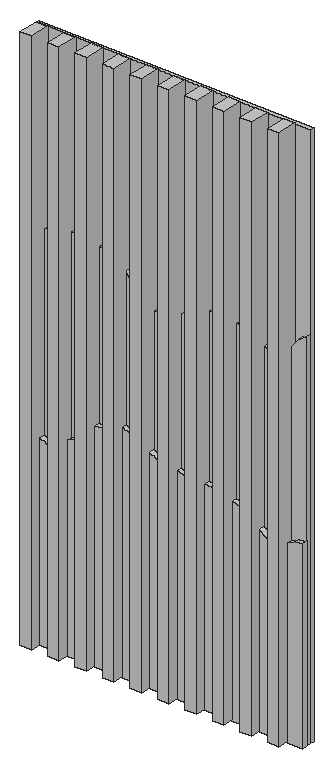
Revit family "MIRAGE_RFA", category Modelos genéricos, Revit 2022 (continued)
Forms (in)
  Extrusion 309, solid, not visible
    sketch origin (-26.63338, 0.00149, -1.20924) x (0, 1, 0) y (0, 0, -1)
      loop
        line (0.96881, 1.14538) -> (0.96881, -1.85462) -> (0.65631, -1.85462) -> (0.65631, -2.35462) -> (0.96881, -2.35462) -> (3.48948, -2.35462) -> (3.48948, -0.60462) -> (4.19814, -0.60462) -> (4.19814, -2.35462) -> (9.23948, -2.35462) -> (9.23948, -0.60462) -> (9.94814, -0.60462) -> (9.94814, -2.35462) -> (14.98948, -2.35462) -> (14.98948, -0.60462) -> (15.69814, -0.60462) -> (15.69814, -2.35462) -> (20.73948, -2.35462) -> (20.73948, -0.60462) -> (21.44814, -0.60462) -> (21.44814, -2.35462) -> (24.28131, -2.35462) -> (24.28131, -1.85462) -> (23.96881, -1.85462) -> (23.96881, 1.14538) -> (0.96881, 1.14538)
    from -3.96341 to -3.49097
  Extrusion 310, solid, not visible
    sketch origin (-44, 0, 0) x (1, 0, 0) y (0, 0, 1)
      loop
        line (0.96881, 0.64538) -> (0.96881, -2.35462) -> (3.48948, -2.35462) -> (3.48948, -0.60462) -> (4.19814, -0.60462) -> (4.19814, -2.35462) -> (9.23948, -2.35462) -> (9.23948, -0.60462) -> (9.94814, -0.60462) -> (9.94814, -2.35462) -> (14.98948, -2.35462) -> (14.98948, -0.60462) -> (15.69814, -0.60462) -> (15.69814, -2.35462) -> (20.73948, -2.35462) -> (20.73948, -0.60462) -> (21.44814, -0.60462) -> (21.44814, -2.35462) -> (23.96881, -2.35462) -> (23.96881, 0.64538) -> (24.28131, 0.64538) -> (24.28131, 1.14538) -> (0.65631, 1.14538) -> (0.65631, 0.64538) -> (0.96881, 0.64538)
    from -3.60908 to -3.49097
  Extrusion 311, solid, not visible
    sketch origin (-44, 0, 0) x (1, 0, 0) y (0, 0, 1)
      loop
        line (0.96881, 0.64538) -> (0.96881, -2.35462) -> (3.48948, -2.35462) -> (3.48948, -0.60462) -> (4.19814, -0.60462) -> (4.19814, -2.35462) -> (9.23948, -2.35462) -> (9.23948, -0.60462) -> (9.94814, -0.60462) -> (9.94814, -2.35462) -> (14.98948, -2.35462) -> (14.98948, -0.60462) -> (15.69814, -0.60462) -> (15.69814, -2.35462) -> (20.73948, -2.35462) -> (20.73948, -0.60462) -> (21.44814, -0.60462) -> (21.44814, -2.35462) -> (23.96881, -2.35462) -> (23.96881, 0.64538) -> (24.28131, 0.64538) -> (24.28131, 1.14538) -> (0.65631, 1.14538) -> (0.65631, 0.64538) -> (0.96881, 0.64538)
    from -4.08152 to -3.60908
  Extrusion 312, solid, not visible
    sketch origin (-44, 0, 0) x (1, 0, 0) y (0, 0, 1)
      loop
        line (0.96881, 0.64538) -> (0.96881, -2.35462) -> (3.48948, -2.35462) -> (3.48948, -0.60462) -> (4.19814, -0.60462) -> (4.19814, -2.35462) -> (9.23948, -2.35462) -> (9.23948, -0.60462) -> (9.94814, -0.60462) -> (9.94814, -2.35462) -> (14.98948, -2.35462) -> (14.98948, -0.60462) -> (15.69814, -0.60462) -> (15.69814, -2.35462) -> (20.73948, -2.35462) -> (20.73948, -0.60462) -> (21.44814, -0.60462) -> (21.44814, -2.35462) -> (23.96881, -2.35462) -> (23.96881, 0.64538) -> (24.28131, 0.64538) -> (24.28131, 1.14538) -> (0.65631, 1.14538) -> (0.65631, 0.64538) -> (0.96881, 0.64538)
    from -4.19963 to -4.08152
  Extrusion 313, solid, not visible
    sketch origin (-44.00149, 0.00149, -1.20924) x (0, 1, 0) y (0, 0, -1)
      loop
        line (0.96881, 1.14538) -> (0.96881, -1.85462) -> (0.65631, -1.85462) -> (0.65631, -2.35462) -> (0.96881, -2.35462) -> (3.48948, -2.35462) -> (3.48948, -0.60462) -> (4.19814, -0.60462) -> (4.19814, -2.35462) -> (9.23948, -2.35462) -> (9.23948, -0.60462) -> (9.94814, -0.60462) -> (9.94814, -2.35462) -> (14.98948, -2.35462) -> (14.98948, -0.60462) -> (15.69814, -0.60462) -> (15.69814, -2.35462) -> (20.73948, -2.35462) -> (20.73948, -0.60462) -> (21.44814, -0.60462) -> (21.44814, -2.35462) -> (24.28131, -2.35462) -> (24.28131, -1.85462) -> (23.96881, -1.85462) -> (23.96881, 1.14538) -> (0.96881, 1.14538)
    from -3.60908 to -3.49097
  Extrusion 314, solid, not visible
    sketch origin (-43.88338, 0.00149, -1.20924) x (0, 1, 0) y (0, 0, -1)
      loop
        line (0.96881, 1.14538) -> (0.96881, -1.85462) -> (0.65631, -1.85462) -> (0.65631, -2.35462) -> (0.96881, -2.35462) -> (3.48948, -2.35462) -> (3.48948, -0.60462) -> (4.19814, -0.60462) -> (4.19814, -2.35462) -> (9.23948, -2.35462) -> (9.23948, -0.60462) -> (9.94814, -0.60462) -> (9.94814, -2.35462) -> (14.98948, -2.35462) -> (14.98948, -0.60462) -> (15.69814, -0.60462) -> (15.69814, -2.35462) -> (20.73948, -2.35462) -> (20.73948, -0.60462) -> (21.44814, -0.60462) -> (21.44814, -2.35462) -> (24.28131, -2.35462) -> (24.28131, -1.85462) -> (23.96881, -1.85462) -> (23.96881, 1.14538) -> (0.96881, 1.14538)
    from -3.96341 to -3.49097
  Extrusion 315, solid, not visible
    sketch origin (-44.00149, 0.00149, -1.20924) x (0, 1, 0) y (0, 0, -1)
      loop
        line (0.96881, 1.14538) -> (0.96881, -1.85462) -> (0.65631, -1.85462) -> (0.65631, -2.35462) -> (0.96881, -2.35462) -> (3.48948, -2.35462) -> (3.48948, -0.60462) -> (4.19814, -0.60462) -> (4.19814, -2.35462) -> (9.23948, -2.35462) -> (9.23948, -0.60462) -> (9.94814, -0.60462) -> (9.94814, -2.35462) -> (14.98948, -2.35462) -> (14.98948, -0.60462) -> (15.69814, -0.60462) -> (15.69814, -2.35462) -> (20.73948, -2.35462) -> (20.73948, -0.60462) -> (21.44814, -0.60462) -> (21.44814, -2.35462) -> (24.28131, -2.35462) -> (24.28131, -1.85462) -> (23.96881, -1.85462) -> (23.96881, 1.14538) -> (0.96881, 1.14538)
    from -4.19963 to -4.08152
  Extrusion 316, solid, not visible
    sketch origin (-44, 0, 0) x (1, 0, 0) y (0, 0, 1)
      loop
        line (0.96881, 0.64538) -> (0.96881, -2.35462) -> (3.48948, -2.35462) -> (3.48948, -0.60462) -> (4.19814, -0.60462) -> (4.19814, -2.35462) -> (9.23948, -2.35462) -> (9.23948, -0.60462) -> (9.94814, -0.60462) -> (9.94814, -2.35462) -> (14.98948, -2.35462) -> (14.98948, -0.60462) -> (15.69814, -0.60462) -> (15.69814, -2.35462) -> (20.73948, -2.35462) -> (20.73948, -0.60462) -> (21.44814, -0.60462) -> (21.44814, -2.35462) -> (23.96881, -2.35462) -> (23.96881, 0.64538) -> (24.28131, 0.64538) -> (24.28131, 1.14538) -> (0.65631, 1.14538) -> (0.65631, 0.64538) -> (0.96881, 0.64538)
    from -9.94963 to -9.83152
  Extrusion 317, solid, not visible
    sketch origin (-44, 0, 0) x (1, 0, 0) y (0, 0, 1)
      loop
        line (0.96881, 0.64538) -> (0.96881, -2.35462) -> (3.48948, -2.35462) -> (3.48948, -0.60462) -> (4.19814, -0.60462) -> (4.19814, -2.35462) -> (9.23948, -2.35462) -> (9.23948, -0.60462) -> (9.94814, -0.60462) -> (9.94814, -2.35462) -> (14.98948, -2.35462) -> (14.98948, -0.60462) -> (15.69814, -0.60462) -> (15.69814, -2.35462) -> (20.73948, -2.35462) -> (20.73948, -0.60462) -> (21.44814, -0.60462) -> (21.44814, -2.35462) -> (23.96881, -2.35462) -> (23.96881, 0.64538) -> (24.28131, 0.64538) -> (24.28131, 1.14538) -> (0.65631, 1.14538) -> (0.65631, 0.64538) -> (0.96881, 0.64538)
    from -9.35908 to -9.24097
  Extrusion 318, solid, not visible
    sketch origin (-44, 0, 0) x (1, 0, 0) y (0, 0, 1)
      loop
        line (0.96881, 0.64538) -> (0.96881, -2.35462) -> (3.48948, -2.35462) -> (3.48948, -0.60462) -> (4.19814, -0.60462) -> (4.19814, -2.35462) -> (9.23948, -2.35462) -> (9.23948, -0.60462) -> (9.94814, -0.60462) -> (9.94814, -2.35462) -> (14.98948, -2.35462) -> (14.98948, -0.60462) -> (15.69814, -0.60462) -> (15.69814, -2.35462) -> (20.73948, -2.35462) -> (20.73948, -0.60462) -> (21.44814, -0.60462) -> (21.44814, -2.35462) -> (23.96881, -2.35462) -> (23.96881, 0.64538) -> (24.28131, 0.64538) -> (24.28131, 1.14538) -> (0.65631, 1.14538) -> (0.65631, 0.64538) -> (0.96881, 0.64538)
    from -9.83152 to -9.35908
  Extrusion 319, solid, not visible
    sketch origin (-44, 0, 0) x (1, 0, 0) y (0, 0, 1)
      loop
        line (0.96881, 0.64538) -> (0.96881, -2.35462) -> (3.48948, -2.35462) -> (3.48948, -0.60462) -> (4.19814, -0.60462) -> (4.19814, -2.35462) -> (9.23948, -2.35462) -> (9.23948, -0.60462) -> (9.94814, -0.60462) -> (9.94814, -2.35462) -> (14.98948, -2.35462) -> (14.98948, -0.60462) -> (15.69814, -0.60462) -> (15.69814, -2.35462) -> (20.73948, -2.35462) -> (20.73948, -0.60462) -> (21.44814, -0.60462) -> (21.44814, -2.35462) -> (23.96881, -2.35462) -> (23.96881, 0.64538) -> (24.28131, 0.64538) -> (24.28131, 1.14538) -> (0.65631, 1.14538) -> (0.65631, 0.64538) -> (0.96881, 0.64538)
    from -15.69963 to -15.58152
  Extrusion 320, solid, not visible
    sketch origin (-44, 0, 0) x (1, 0, 0) y (0, 0, 1)
      loop
        line (0.96881, 0.64538) -> (0.96881, -2.35462) -> (3.48948, -2.35462) -> (3.48948, -0.60462) -> (4.19814, -0.60462) -> (4.19814, -2.35462) -> (9.23948, -2.35462) -> (9.23948, -0.60462) -> (9.94814, -0.60462) -> (9.94814, -2.35462) -> (14.98948, -2.35462) -> (14.98948, -0.60462) -> (15.69814, -0.60462) -> (15.69814, -2.35462) -> (20.73948, -2.35462) -> (20.73948, -0.60462) -> (21.44814, -0.60462) -> (21.44814, -2.35462) -> (23.96881, -2.35462) -> (23.96881, 0.64538) -> (24.28131, 0.64538) -> (24.28131, 1.14538) -> (0.65631, 1.14538) -> (0.65631, 0.64538) -> (0.96881, 0.64538)
    from -15.10908 to -14.99097
  Extrusion 321, solid, not visible
    sketch origin (-44, 0, 0) x (1, 0, 0) y (0, 0, 1)
      loop
        line (0.96881, 0.64538) -> (0.96881, -2.35462) -> (3.48948, -2.35462) -> (3.48948, -0.60462) -> (4.19814, -0.60462) -> (4.19814, -2.35462) -> (9.23948, -2.35462) -> (9.23948, -0.60462) -> (9.94814, -0.60462) -> (9.94814, -2.35462) -> (14.98948, -2.35462) -> (14.98948, -0.60462) -> (15.69814, -0.60462) -> (15.69814, -2.35462) -> (20.73948, -2.35462) -> (20.73948, -0.60462) -> (21.44814, -0.60462) -> (21.44814, -2.35462) -> (23.96881, -2.35462) -> (23.96881, 0.64538) -> (24.28131, 0.64538) -> (24.28131, 1.14538) -> (0.65631, 1.14538) -> (0.65631, 0.64538) -> (0.96881, 0.64538)
    from -15.58152 to -15.10908
  Extrusion 322, solid, not visible
    sketch origin (-44, 0, 0) x (1, 0, 0) y (0, 0, 1)
      loop
        line (0.96881, 0.64538) -> (0.96881, -2.35462) -> (3.48948, -2.35462) -> (3.48948, -0.60462) -> (4.19814, -0.60462) -> (4.19814, -2.35462) -> (9.23948, -2.35462) -> (9.23948, -0.60462) -> (9.94814, -0.60462) -> (9.94814, -2.35462) -> (14.98948, -2.35462) -> (14.98948, -0.60462) -> (15.69814, -0.60462) -> (15.69814, -2.35462) -> (20.73948, -2.35462) -> (20.73948, -0.60462) -> (21.44814, -0.60462) -> (21.44814, -2.35462) -> (23.96881, -2.35462) -> (23.96881, 0.64538) -> (24.28131, 0.64538) -> (24.28131, 1.14538) -> (0.65631, 1.14538) -> (0.65631, 0.64538) -> (0.96881, 0.64538)
    from -21.44963 to -21.33152
  Extrusion 323, solid, not visible
    sketch origin (-44, 0, 0) x (1, 0, 0) y (0, 0, 1)
      loop
        line (0.96881, 0.64538) -> (0.96881, -2.35462) -> (3.48948, -2.35462) -> (3.48948, -0.60462) -> (4.19814, -0.60462) -> (4.19814, -2.35462) -> (9.23948, -2.35462) -> (9.23948, -0.60462) -> (9.94814, -0.60462) -> (9.94814, -2.35462) -> (14.98948, -2.35462) -> (14.98948, -0.60462) -> (15.69814, -0.60462) -> (15.69814, -2.35462) -> (20.73948, -2.35462) -> (20.73948, -0.60462) -> (21.44814, -0.60462) -> (21.44814, -2.35462) -> (23.96881, -2.35462) -> (23.96881, 0.64538) -> (24.28131, 0.64538) -> (24.28131, 1.14538) -> (0.65631, 1.14538) -> (0.65631, 0.64538) -> (0.96881, 0.64538)
    from -20.85908 to -20.74097
  Extrusion 324, solid, not visible
    sketch origin (-44, 0, 0) x (1, 0, 0) y (0, 0, 1)
      loop
        line (0.96881, 0.64538) -> (0.96881, -2.35462) -> (3.48948, -2.35462) -> (3.48948, -0.60462) -> (4.19814, -0.60462) -> (4.19814, -2.35462) -> (9.23948, -2.35462) -> (9.23948, -0.60462) -> (9.94814, -0.60462) -> (9.94814, -2.35462) -> (14.98948, -2.35462) -> (14.98948, -0.60462) -> (15.69814, -0.60462) -> (15.69814, -2.35462) -> (20.73948, -2.35462) -> (20.73948, -0.60462) -> (21.44814, -0.60462) -> (21.44814, -2.35462) -> (23.96881, -2.35462) -> (23.96881, 0.64538) -> (24.28131, 0.64538) -> (24.28131, 1.14538) -> (0.65631, 1.14538) -> (0.65631, 0.64538) -> (0.96881, 0.64538)
    from -21.33152 to -20.85908
  Extrusion 325, solid, not visible
    sketch origin (-38.25149, 0.00149, -1.20924) x (0, 1, 0) y (0, 0, -1)
      loop
        line (0.96881, 1.14538) -> (0.96881, -1.85462) -> (0.65631, -1.85462) -> (0.65631, -2.35462) -> (0.96881, -2.35462) -> (3.48948, -2.35462) -> (3.48948, -0.60462) -> (4.19814, -0.60462) -> (4.19814, -2.35462) -> (9.23948, -2.35462) -> (9.23948, -0.60462) -> (9.94814, -0.60462) -> (9.94814, -2.35462) -> (14.98948, -2.35462) -> (14.98948, -0.60462) -> (15.69814, -0.60462) -> (15.69814, -2.35462) -> (20.73948, -2.35462) -> (20.73948, -0.60462) -> (21.44814, -0.60462) -> (21.44814, -2.35462) -> (24.28131, -2.35462) -> (24.28131, -1.85462) -> (23.96881, -1.85462) -> (23.96881, 1.14538) -> (0.96881, 1.14538)
    from -4.19963 to -4.08152
  Extrusion 326, solid, not visible
    sketch origin (-38.84204, 0.00149, -1.20924) x (0, 1, 0) y (0, 0, -1)
      loop
        line (0.96881, 1.14538) -> (0.96881, -1.85462) -> (0.65631, -1.85462) -> (0.65631, -2.35462) -> (0.96881, -2.35462) -> (3.48948, -2.35462) -> (3.48948, -0.60462) -> (4.19814, -0.60462) -> (4.19814, -2.35462) -> (9.23948, -2.35462) -> (9.23948, -0.60462) -> (9.94814, -0.60462) -> (9.94814, -2.35462) -> (14.98948, -2.35462) -> (14.98948, -0.60462) -> (15.69814, -0.60462) -> (15.69814, -2.35462) -> (20.73948, -2.35462) -> (20.73948, -0.60462) -> (21.44814, -0.60462) -> (21.44814, -2.35462) -> (24.28131, -2.35462) -> (24.28131, -1.85462) -> (23.96881, -1.85462) -> (23.96881, 1.14538) -> (0.96881, 1.14538)
    from -4.19963 to -4.08152
  Extrusion 327, solid, not visible
    sketch origin (-32.50149, 0.00149, -1.20924) x (0, 1, 0) y (0, 0, -1)
      loop
        line (0.96881, 1.14538) -> (0.96881, -1.85462) -> (0.65631, -1.85462) -> (0.65631, -2.35462) -> (0.96881, -2.35462) -> (3.48948, -2.35462) -> (3.48948, -0.60462) -> (4.19814, -0.60462) -> (4.19814, -2.35462) -> (9.23948, -2.35462) -> (9.23948, -0.60462) -> (9.94814, -0.60462) -> (9.94814, -2.35462) -> (14.98948, -2.35462) -> (14.98948, -0.60462) -> (15.69814, -0.60462) -> (15.69814, -2.35462) -> (20.73948, -2.35462) -> (20.73948, -0.60462) -> (21.44814, -0.60462) -> (21.44814, -2.35462) -> (24.28131, -2.35462) -> (24.28131, -1.85462) -> (23.96881, -1.85462) -> (23.96881, 1.14538) -> (0.96881, 1.14538)
    from -4.19963 to -4.08152
  Extrusion 328, solid, not visible
    sketch origin (-33.09204, 0.00149, -1.20924) x (0, 1, 0) y (0, 0, -1)
      loop
        line (0.96881, 1.14538) -> (0.96881, -1.85462) -> (0.65631, -1.85462) -> (0.65631, -2.35462) -> (0.96881, -2.35462) -> (3.48948, -2.35462) -> (3.48948, -0.60462) -> (4.19814, -0.60462) -> (4.19814, -2.35462) -> (9.23948, -2.35462) -> (9.23948, -0.60462) -> (9.94814, -0.60462) -> (9.94814, -2.35462) -> (14.98948, -2.35462) -> (14.98948, -0.60462) -> (15.69814, -0.60462) -> (15.69814, -2.35462) -> (20.73948, -2.35462) -> (20.73948, -0.60462) -> (21.44814, -0.60462) -> (21.44814, -2.35462) -> (24.28131, -2.35462) -> (24.28131, -1.85462) -> (23.96881, -1.85462) -> (23.96881, 1.14538) -> (0.96881, 1.14538)
    from -4.19963 to -4.08152
  Extrusion 329, solid, not visible
    sketch origin (-27.34204, 0.00149, -1.20924) x (0, 1, 0) y (0, 0, -1)
      loop
        line (0.96881, 1.14538) -> (0.96881, -1.85462) -> (0.65631, -1.85462) -> (0.65631, -2.35462) -> (0.96881, -2.35462) -> (3.48948, -2.35462) -> (3.48948, -0.60462) -> (4.19814, -0.60462) -> (4.19814, -2.35462) -> (9.23948, -2.35462) -> (9.23948, -0.60462) -> (9.94814, -0.60462) -> (9.94814, -2.35462) -> (14.98948, -2.35462) -> (14.98948, -0.60462) -> (15.69814, -0.60462) -> (15.69814, -2.35462) -> (20.73948, -2.35462) -> (20.73948, -0.60462) -> (21.44814, -0.60462) -> (21.44814, -2.35462) -> (24.28131, -2.35462) -> (24.28131, -1.85462) -> (23.96881, -1.85462) -> (23.96881, 1.14538) -> (0.96881, 1.14538)
    from -4.19963 to -4.08152
  Extrusion 330, solid, not visible
    sketch origin (-26.75149, 0.00149, -1.20924) x (0, 1, 0) y (0, 0, -1)
      loop
        line (0.96881, 1.14538) -> (0.96881, -1.85462) -> (0.65631, -1.85462) -> (0.65631, -2.35462) -> (0.96881, -2.35462) -> (3.48948, -2.35462) -> (3.48948, -0.60462) -> (4.19814, -0.60462) -> (4.19814, -2.35462) -> (9.23948, -2.35462) -> (9.23948, -0.60462) -> (9.94814, -0.60462) -> (9.94814, -2.35462) -> (14.98948, -2.35462) -> (14.98948, -0.60462) -> (15.69814, -0.60462) -> (15.69814, -2.35462) -> (20.73948, -2.35462) -> (20.73948, -0.60462) -> (21.44814, -0.60462) -> (21.44814, -2.35462) -> (24.28131, -2.35462) -> (24.28131, -1.85462) -> (23.96881, -1.85462) -> (23.96881, 1.14538) -> (0.96881, 1.14538)
    from -4.19963 to -4.08152
  Extrusion 331, solid, not visible
    sketch origin (-38.13338, 0.00149, -1.20924) x (0, 1, 0) y (0, 0, -1)
      loop
        line (0.96881, 1.14538) -> (0.96881, -1.85462) -> (0.65631, -1.85462) -> (0.65631, -2.35462) -> (0.96881, -2.35462) -> (3.48948, -2.35462) -> (3.48948, -0.60462) -> (4.19814, -0.60462) -> (4.19814, -2.35462) -> (9.23948, -2.35462) -> (9.23948, -0.60462) -> (9.94814, -0.60462) -> (9.94814, -2.35462) -> (14.98948, -2.35462) -> (14.98948, -0.60462) -> (15.69814, -0.60462) -> (15.69814, -2.35462) -> (20.73948, -2.35462) -> (20.73948, -0.60462) -> (21.44814, -0.60462) -> (21.44814, -2.35462) -> (24.28131, -2.35462) -> (24.28131, -1.85462) -> (23.96881, -1.85462) -> (23.96881, 1.14538) -> (0.96881, 1.14538)
    from -3.96341 to -3.49097
  Extrusion 332, solid, not visible
    sketch origin (-32.38338, 0.00149, -1.20924) x (0, 1, 0) y (0, 0, -1)
      loop
        line (0.96881, 1.14538) -> (0.96881, -1.85462) -> (0.65631, -1.85462) -> (0.65631, -2.35462) -> (0.96881, -2.35462) -> (3.48948, -2.35462) -> (3.48948, -0.60462) -> (4.19814, -0.60462) -> (4.19814, -2.35462) -> (9.23948, -2.35462) -> (9.23948, -0.60462) -> (9.94814, -0.60462) -> (9.94814, -2.35462) -> (14.98948, -2.35462) -> (14.98948, -0.60462) -> (15.69814, -0.60462) -> (15.69814, -2.35462) -> (20.73948, -2.35462) -> (20.73948, -0.60462) -> (21.44814, -0.60462) -> (21.44814, -2.35462) -> (24.28131, -2.35462) -> (24.28131, -1.85462) -> (23.96881, -1.85462) -> (23.96881, 1.14538) -> (0.96881, 1.14538)
    from -3.96341 to -3.49097
  Extrusion 333, solid, not visible
    sketch origin (-26.63338, 0.00149, -1.20924) x (0, 1, 0) y (0, 0, -1)
      loop
        line (0.96881, 1.14538) -> (0.96881, -1.85462) -> (0.65631, -1.85462) -> (0.65631, -2.35462) -> (0.96881, -2.35462) -> (3.48948, -2.35462) -> (3.48948, -0.60462) -> (4.19814, -0.60462) -> (4.19814, -2.35462) -> (9.23948, -2.35462) -> (9.23948, -0.60462) -> (9.94814, -0.60462) -> (9.94814, -2.35462) -> (14.98948, -2.35462) -> (14.98948, -0.60462) -> (15.69814, -0.60462) -> (15.69814, -2.35462) -> (20.73948, -2.35462) -> (20.73948, -0.60462) -> (21.44814, -0.60462) -> (21.44814, -2.35462) -> (24.28131, -2.35462) -> (24.28131, -1.85462) -> (23.96881, -1.85462) -> (23.96881, 1.14538) -> (0.96881, 1.14538)
    from -3.96341 to -3.49097
  Extrusion 334, solid, not visible
    sketch origin (0, 0, 0) x (1, 0, 0) y (0, 1, 0)
      loop
        line (0, 0.11811) -> (0, 0) -> (48, 0) -> (48, 0.11811) -> (0, 0.11811)
    from 0 to 108
  Extrusion 335, solid, not visible
    sketch origin (0, 0, 0) x (1, 0, 0) y (0, 1, 0)
      loop
        line (0, 0.59055) -> (0, 0.11811) -> (48, 0.11811) -> (48, 0.59055) -> (0, 0.59055)
    from 0 to 108
  Extrusion 336, solid, not visible
    sketch origin (20.06218, -10.5, 0) x (0.5, 0.866025, 0) y (-0.866025, 0.5, 0)
      loop
        line (26.12436, 24.24871) -> (1.87564, 24.24871) -> (0, 21) -> (12.12436, 0) -> (36.37307, 0) -> (38.24871, 3.24871) -> (26.12436, 24.24871)
      loop
        line (35.82754, 0.94488) -> (37.15766, 3.24871) -> (25.57883, 23.30383) -> (2.42117, 23.30383) -> (1.09106, 21) -> (12.66988, 0.94488) -> (35.82754, 0.94488)
    from 0 to 10
  Extrusion 337, solid, not visible
    sketch origin (18.18653, 13.74871, 0) x (-0.5, 0.866025, 0) y (-0.866025, -0.5, 0)
      loop
        line (26.12436, 24.24871) -> (1.87564, 24.24871) -> (0, 21) -> (12.12436, 0) -> (36.37307, 0) -> (38.24871, 3.24871) -> (26.12436, 24.24871)
      loop
        line (35.82754, 0.94488) -> (37.15766, 3.24871) -> (25.57883, 23.30383) -> (2.42117, 23.30383) -> (1.09106, 21) -> (12.66988, 0.94488) -> (35.82754, 0.94488)
    from 0 to 10
  Extrusion 338, solid, not visible
    sketch origin (-23.81347, -10.5, 0) x (-0.5, 0.866025, 0) y (-0.866025, -0.5, 0)
      loop
        line (26.12436, -24.24871) -> (38.24871, -3.24871) -> (36.37307, 0) -> (12.12436, 0) -> (0, -21) -> (1.87564, -24.24871) -> (26.12436, -24.24871)
      loop
        line (35.82754, -0.94488) -> (12.66988, -0.94488) -> (1.09106, -21) -> (2.42117, -23.30383) -> (25.57883, -23.30383) -> (37.15766, -3.24871) -> (35.82754, -0.94488)
    from 0 to 10
  Extrusion 339, solid, not visible
    sketch origin (20.06218, 10.5, 0) x (0.5, -0.866025, 0) y (0.866025, 0.5, 0)
      loop
        line (26.12436, -24.24871) -> (38.24871, -3.24871) -> (36.37307, 0) -> (12.12436, 0) -> (0, -21) -> (1.87564, -24.24871) -> (26.12436, -24.24871)
      loop
        line (35.82754, -0.94488) -> (12.66988, -0.94488) -> (1.09106, -21) -> (2.42117, -23.30383) -> (25.57883, -23.30383) -> (37.15766, -3.24871) -> (35.82754, -0.94488)
    from 0 to 10
  Extrusion 340, solid, not visible
    sketch origin (18.18653, -13.74871, 0) x (-0.5, -0.866025, 0) y (0.866025, -0.5, 0)
      loop
        line (26.12436, -24.24871) -> (38.24871, -3.24871) -> (36.37307, 0) -> (12.12436, 0) -> (0, -21) -> (1.87564, -24.24871) -> (26.12436, -24.24871)
      loop
        line (35.82754, -0.94488) -> (12.66988, -0.94488) -> (1.09106, -21) -> (2.42117, -23.30383) -> (25.57883, -23.30383) -> (37.15766, -3.24871) -> (35.82754, -0.94488)
    from 0 to 10
  Extrusion 341, solid, not visible
    sketch origin (-23.81347, 10.5, 0) x (-0.5, -0.866025, 0) y (0.866025, -0.5, 0)
      loop
        line (26.12436, 24.24871) -> (1.87564, 24.24871) -> (0, 21) -> (12.12436, 0) -> (36.37307, 0) -> (38.24871, 3.24871) -> (26.12436, 24.24871)
      loop
        line (35.82754, 0.94488) -> (37.15766, 3.24871) -> (25.57883, 23.30383) -> (2.42117, 23.30383) -> (1.09106, 21) -> (12.66988, 0.94488) -> (35.82754, 0.94488)
    from 0 to 10
  Extrusion 342, solid, not visible
    sketch origin (-21.93782, 13.74871, 0) x (0.5, 0.866025, 0) y (-0.866025, 0.5, 0)
      loop
        line (26.12436, 24.24871) -> (1.87564, 24.24871) -> (0, 21) -> (12.12436, 0) -> (36.37307, 0) -> (38.24871, 3.24871) -> (26.12436, 24.24871)
      loop
        line (35.82754, 0.94488) -> (37.15766, 3.24871) -> (25.57883, 23.30383) -> (2.42117, 23.30383) -> (1.09106, 21) -> (12.66988, 0.94488) -> (35.82754, 0.94488)
    from 0 to 10
  Extrusion 343, solid, not visible
    sketch origin (-21.94005, -13.75, 0) x (0.5, -0.866025, 0) y (0.866025, 0.5, 0)
      loop
        line (26.12436, -24.24871) -> (38.24871, -3.24871) -> (36.37307, 0) -> (12.12436, 0) -> (0, -21) -> (1.87564, -24.24871) -> (26.12436, -24.24871)
      loop
        line (35.82754, -0.94488) -> (12.66988, -0.94488) -> (1.09106, -21) -> (2.42117, -23.30383) -> (25.57883, -23.30383) -> (37.15766, -3.24871) -> (35.82754, -0.94488)
    from 0 to 10
  Extrusion 344, solid, not visible
    sketch origin (60.18877, 10.50129, 0) x (-0.5, -0.866025, 0) y (0.866025, -0.5, 0)
      loop
        line (26.12436, -24.24871) -> (38.24871, -3.24871) -> (36.37307, 0) -> (12.12436, 0) -> (0, -21) -> (1.87564, -24.24871) -> (26.12436, -24.24871)
      loop
        line (35.82754, -0.94488) -> (12.66988, -0.94488) -> (1.09106, -21) -> (2.42117, -23.30383) -> (25.57883, -23.30383) -> (37.15766, -3.24871) -> (35.82754, -0.94488)
    from 0 to 10
  Extrusion 345, solid, not visible
    sketch origin (-2.92322, 3.37295, 0) x (1, 0, 0) y (0, 1, 0)
      loop
        circle (21.56983, 21.96091) r 24.5
      loop
        circle (21.56983, 21.96091) r 23.5
    from 0 to 8
  Extrusion 346, solid, not visible
    sketch origin (0, 0, 0) x (1, 0, 0) y (0, 1, 0)
      loop
        circle (331.30201, 30.00794) r 2.50503
      loop
        circle (331.30201, 30.00794) r 2
    from 1.91103 to 2.63408
  Extrusion 347, solid, not visible
    sketch origin (0, 0, 0) x (1, 0, 0) y (0, 1, 0)
      loop
        circle (331.30201, 30.00794) r 2
    from 1.94644 to 2.58052
  Extrusion 348, solid, not visible
    sketch origin (-2.92322, 3.37295, 0) x (1, 0, 0) y (0, 1, 0)
      loop
        circle (21.56983, 21.96091) r 24.5
      loop
        circle (21.56983, 21.96091) r 23.5
    from -0.08187 to 4
  Extrusion 349, solid, not visible
    sketch origin (-321.72966, 0, 0) x (1, 0, 0) y (0, 1, 0)
      loop
        circle (316.62627, 25.33386) r 0.25
    from 2.63408 to 42.53135
  Extrusion 350, solid, not visible
    sketch origin (359.03255, 0, 0) x (-1, 0, 0) y (0, -1, 0)
      loop
        circle (316.62627, -25.33386) r 0.25
    from 2.63408 to 42.53135
  Extrusion 351, solid, not visible
    sketch origin (115.24237, 3.37295, 0) x (1, 0, 0) y (0, 1, 0)
      loop
        circle (21.56983, 21.96091) r 24.5
      loop
        circle (21.56983, 21.96091) r 23.5
    from -0.08187 to 4
  Extrusion 352, solid, not visible
    sketch origin (0, 0, 0) x (1, 0, 0) y (0, 1, 0)
      loop
        circle (136.8122, 25.33386) r 23.5
    from 2 to 2.63408
  Extrusion 353, solid, not visible
    sketch origin (-203.06407, 0, 0) x (1, 0, 0) y (0, 1, 0)
      loop
        circle (316.62627, 25.33386) r 0.25
    from 2.63408 to 61.53135
  Extrusion 354, solid, not visible
    sketch origin (476.68846, 0, 0) x (-1, 0, 0) y (0, -1, 0)
      loop
        circle (316.62627, -25.33386) r 0.25
    from 2.63408 to 61.53135
  Extrusion 355, solid, not visible
    sketch origin (218.36157, 3.37295, 0) x (1, 0, 0) y (0, 1, 0)
      loop
        circle (21.56983, 21.96091) r 24.5
      loop
        circle (21.56983, 21.96091) r 23.5
    from -0.08187 to 4
  Extrusion 356, solid, not visible
    sketch origin (218.36157, 3.37295, 0) x (1, 0, 0) y (0, 1, 0)
      loop
        circle (21.56983, 21.96091) r 23.5
      loop
        circle (21.56983, 21.96091) r 23.06194
    from -0.08187 to 1
  Extrusion 357, solid, not visible
    sketch origin (218.36157, 3.37295, 0) x (1, 0, 0) y (0, 1, 0)
      loop
        circle (21.56983, 21.96091) r 23.5
      loop
        circle (21.56983, 21.96091) r 23.06194
    from 1 to 1.5561
  Extrusion 358, solid, not visible
    sketch origin (102.6192, 0, 0) x (1, 0, 0) y (0, 1, 0)
      loop
        circle (137.31131, 25.38631) r 23.5
    from 2 to 2.63408
  Extrusion 359, solid, not visible
    sketch origin (-99.54074, 0, 0) x (1, 0, 0) y (0, 1, 0)
      loop
        circle (316.62627, 25.33386) r 0.25
    from 2.63408 to 77.53135
  Extrusion 360, solid, not visible
    sketch origin (579.40175, 0, 0) x (-1, 0, 0) y (0, -1, 0)
      loop
        circle (316.62627, -25.33386) r 0.25
    from 2.63408 to 77.53135
  Extrusion 361, solid, not visible
    sketch origin (315.15231, 3.37295, 0) x (1, 0, 0) y (0, 1, 0)
      loop
        circle (21.56983, 21.96091) r 24.5
      loop
        circle (21.56983, 21.96091) r 23.5
    from -0.08187 to 4
  Extrusion 362, solid, not visible
    sketch origin (0, 0, 0) x (1, 0, 0) y (0, 1, 0)
      loop
        circle (336.72124, 25.33386) r 23.50089
      loop
        circle (342.14048, 30.00794) r 2.5
      loop
        circle (331.30201, 30.00794) r 2.50503
      loop
        circle (336.72124, 20.60773) r 2.50503
    from 2 to 2.63408
  Extrusion 363, solid, not visible
    sketch origin (0, 0, 0) x (1, 0, 0) y (0, 1, 0)
      loop
        circle (331.30201, 30.00794) r 2.50503
      loop
        circle (331.30201, 30.00794) r 2
    from 1.91103 to 2.63408
  Extrusion 364, solid, not visible
    sketch origin (0, 0, 0) x (1, 0, 0) y (0, 1, 0)
      loop
        circle (331.30201, 30.00794) r 2
    from 1.94644 to 2.58052
  Extrusion 365, solid, not visible
    sketch origin (10.83846, 0, 0) x (1, 0, 0) y (0, 1, 0)
      loop
        circle (331.30201, 30.00794) r 2.50503
      loop
        circle (331.30201, 30.00794) r 2
    from 1.91103 to 2.63408
  Extrusion 366, solid, not visible
    sketch origin (10.83846, 0, 0) x (1, 0, 0) y (0, 1, 0)
      loop
        circle (331.30201, 30.00794) r 2
    from 1.94644 to 2.58052
  Extrusion 367, solid, not visible
    sketch origin (5.41923, -9.38639, 0) x (1, 0, 0) y (0, 1, 0)
      loop
        circle (331.30201, 30.00794) r 2.50503
      loop
        circle (331.30201, 30.00794) r 2
    from 1.91103 to 2.63408
  Extrusion 368, solid, not visible
    sketch origin (5.41923, -9.38639, 0) x (1, 0, 0) y (0, 1, 0)
      loop
        circle (331.30201, 30.00794) r 2
    from 1.94644 to 2.58052
  Extrusion 369, solid, not visible
    sketch origin (-3.15414, 0, 0) x (1, 0, 0) y (0, 1, 0)
      loop
        circle (316.62627, 25.33386) r 0.25
    from 2.63408 to 42.53135
  Extrusion 370, solid, not visible
    sketch origin (676.5984, 0, 0) x (-1, 0, 0) y (0, -1, 0)
      loop
        circle (316.62627, -25.33386) r 0.25
    from 2.63408 to 42.53135
  Extrusion 371, solid, not visible
    sketch origin (108, 0, 0) x (1, 0, 0) y (0, 1, 0)
      loop
        line (0.31701, 108.28341) -> (0.31701, 0.28341) -> (48.31701, 0.28341) -> (48.31701, 108.28341) -> (0.31701, 108.28341)
    from -1.94488 to -0.97244
  Extrusion 372, solid, not visible
    sketch origin (108, 0, 0) x (1, 0, 0) y (0, 1, 0)
      loop
        line (0.31701, 108.28341) -> (0.31701, 80.49268) -> (3.89077, 80.49268) -> (7.42097, 74.53548) -> (3.89232, 68.58088) -> (0.31701, 68.58088) -> (0.31701, 67.77836) -> (0.31701, 12.96152) -> (3.89077, 12.96152) -> (7.42097, 7.00432) -> (3.89232, 1.04972) -> (0.31701, 1.04972) -> (0.31701, 0.28341) -> (48.31701, 0.28341) -> (48.31701, 41.55105) -> (44.79804, 41.55105) -> (41.2694, 47.50562) -> (44.79804, 53.4602) -> (48.31701, 53.4602) -> (48.31701, 55.05105) -> (44.79804, 55.05105) -> (41.26779, 61.00834) -> (44.79317, 66.95742) -> (48.31701, 66.95742) -> (48.31701, 95.57751) -> (44.79804, 95.57751) -> (41.26779, 101.5348) -> (44.79317, 107.48389) -> (48.31701, 107.48389) -> (48.31701, 108.28341) -> (0.31701, 108.28341)
      loop
        line (4.9096, 1.28341) -> (43.72442, 1.28341) -> (40.31701, 7.03341) -> (44.31701, 13.78341) -> (47.31701, 13.78341) -> (47.31701, 40.78341) -> (44.31701, 40.78341) -> (40.31701, 34.03341) -> (44.31701, 27.28341) -> (40.31701, 20.53341) -> (32.31701, 20.53341) -> (28.31701, 27.28341) -> (20.31701, 27.28341) -> (16.31701, 20.53341) -> (8.31701, 20.53341) -> (4.31701, 13.78341) -> (8.31701, 7.03341) -> (4.9096, 1.28341)
      loop
        line (4.31701, 27.28341) -> (8.31701, 34.03341) -> (16.31701, 34.03341) -> (20.31701, 40.78341) -> (28.31701, 40.78341) -> (32.31701, 47.53341) -> (28.31701, 54.28341) -> (20.31701, 54.28341) -> (16.31471, 61.03433) -> (8.31755, 61.03433) -> (4.31635, 67.78341) -> (1.31701, 67.78341) -> (1.31701, 27.28341) -> (4.31701, 27.28341)
      loop
        line (32.31701, 61.03341) -> (40.31701, 61.03341) -> (44.31701, 67.78341) -> (47.31701, 67.78341) -> (47.31701, 94.78341) -> (44.31526, 94.78341) -> (40.31526, 88.03341) -> (32.31701, 88.03341) -> (28.31701, 94.78341) -> (20.31701, 94.78341) -> (16.31701, 88.03341) -> (20.31701, 81.28341) -> (16.31701, 74.53341) -> (20.31701, 67.78341) -> (28.31701, 67.78341) -> (32.31701, 61.03341)
      loop
        line (4.31701, 81.28341) -> (8.31788, 88.03489) -> (4.31701, 94.78341) -> (8.31701, 101.53341) -> (16.31701, 101.53341) -> (19.72442, 107.28341) -> (1.31701, 107.28341) -> (1.31701, 81.28341) -> (4.31701, 81.28341)
      loop
        line (39.86453, 21.32751) -> (43.39395, 27.28341) -> (39.86453, 33.23931) -> (32.76949, 33.23931) -> (29.24007, 27.28341) -> (32.77103, 21.32751) -> (39.86453, 21.32751)
      loop
        line (42.92899, 27.28341) -> (39.63661, 32.83931) -> (32.99741, 32.83931) -> (29.70505, 27.28346) -> (32.9989, 21.72751) -> (39.63661, 21.72751) -> (42.92899, 27.28341)
      loop
        line (15.89307, 61.79839) -> (19.4225, 67.75429) -> (15.89307, 73.7102) -> (8.79804, 73.7102) -> (5.26861, 67.75429) -> (8.79958, 61.79839) -> (15.89307, 61.79839)
      loop
        line (18.95754, 67.75429) -> (15.66515, 73.3102) -> (9.02596, 73.3102) -> (5.7336, 67.75434) -> (9.02745, 62.19839) -> (15.66515, 62.19839) -> (18.95754, 67.75429)
      loop
        line (27.89153, 95.54839) -> (31.42095, 101.50429) -> (27.89153, 107.4602) -> (20.79649, 107.4602) -> (17.26707, 101.50429) -> (20.79804, 95.54839) -> (27.89153, 95.54839)
      loop
        line (30.95599, 101.50429) -> (27.66361, 107.0602) -> (21.02441, 107.0602) -> (17.73205, 101.50434) -> (21.02591, 95.94839) -> (27.66361, 95.94839) -> (30.95599, 101.50429)
      loop
        line (32.31701, 101.53341) -> (40.31701, 101.53341) -> (43.72442, 107.28341) -> (28.9096, 107.28341) -> (32.31701, 101.53341)
      loop
        line (48.31701, 41.95105) -> (48.31701, 53.0602) -> (45.02596, 53.0602) -> (41.73436, 47.50562) -> (45.02596, 41.95105) -> (48.31701, 41.95105)
      loop
        line (44.88681, 1.28341) -> (47.31701, 1.28341) -> (47.31701, 12.78341) -> (44.88681, 12.78341) -> (41.4794, 7.03341) -> (44.88681, 1.28341)
      loop
        line (3.65767, 1.46152) -> (6.94306, 7.00562) -> (3.65767, 12.54972) -> (0.31701, 12.54972) -> (0.31701, 1.46152) -> (3.65767, 1.46152)
      loop
        line (1.31701, 14.78341) -> (3.7472, 14.78341) -> (7.15461, 20.53341) -> (3.7472, 26.28341) -> (1.31701, 26.28341) -> (1.31701, 14.78341)
      loop
        line (48.31701, 66.55105) -> (45.03271, 66.55105) -> (41.74499, 61.00302) -> (45.02884, 55.46152) -> (48.31701, 55.46152) -> (48.31701, 66.55105)
      loop
        line (27.851, 28.08522) -> (31.38042, 34.04112) -> (27.851, 39.99702) -> (20.75596, 39.99702) -> (17.22654, 34.04112) -> (20.7575, 28.08522) -> (27.851, 28.08522)
      loop
        line (30.91546, 34.04112) -> (27.62308, 39.59702) -> (20.98388, 39.59702) -> (17.69152, 34.04117) -> (20.98538, 28.48522) -> (27.62308, 28.48522) -> (30.91546, 34.04112)
      loop
        line (15.86453, 21.32751) -> (19.39395, 27.28341) -> (15.86453, 33.23931) -> (8.76949, 33.23931) -> (5.24007, 27.28341) -> (8.77103, 21.32751) -> (15.86453, 21.32751)
      loop
        line (18.92899, 27.28341) -> (15.63661, 32.83931) -> (8.99741, 32.83931) -> (5.70505, 27.28346) -> (8.9989, 21.72751) -> (15.63661, 21.72751) -> (18.92899, 27.28341)
      loop
        line (15.86453, 75.32751) -> (19.39395, 81.28341) -> (15.86453, 87.23931) -> (8.76949, 87.23931) -> (5.24007, 81.28341) -> (8.77103, 75.32751) -> (15.86453, 75.32751)
      loop
        line (18.92899, 81.28341) -> (15.63661, 86.83931) -> (8.99741, 86.83931) -> (5.70505, 81.28346) -> (8.9989, 75.72751) -> (15.63661, 75.72751) -> (18.92899, 81.28341)
      loop
        line (3.65767, 68.99268) -> (6.94306, 74.53678) -> (3.65767, 80.08088) -> (0.31701, 80.08088) -> (0.31701, 68.99268) -> (3.65767, 68.99268)
      loop
        line (32.88681, 35.03341) -> (39.7472, 35.03341) -> (43.15461, 40.78341) -> (39.7472, 46.53341) -> (32.88681, 46.53341) -> (29.4794, 40.78341) -> (32.88681, 35.03341)
      loop
        line (31.15461, 61.03341) -> (27.7472, 66.78341) -> (20.88681, 66.78341) -> (17.4794, 61.03341) -> (20.88681, 55.28341) -> (27.7472, 55.28341) -> (31.15461, 61.03341)
      loop
        line (39.86453, 48.32751) -> (43.39395, 54.28341) -> (39.86453, 60.23931) -> (32.76949, 60.23931) -> (29.24007, 54.28341) -> (32.77103, 48.32751) -> (39.86453, 48.32751)
      loop
        line (42.92899, 54.28341) -> (39.63661, 59.83931) -> (32.99741, 59.83931) -> (29.70505, 54.28346) -> (32.9989, 48.72751) -> (39.63661, 48.72751) -> (42.92899, 54.28341)
      loop
        line (39.86453, 88.82751) -> (43.39395, 94.78341) -> (39.86453, 100.73931) -> (32.76949, 100.73931) -> (29.24007, 94.78341) -> (32.77103, 88.82751) -> (39.86453, 88.82751)
      loop
        line (42.92899, 94.78341) -> (39.63661, 100.33931) -> (32.99741, 100.33931) -> (29.70505, 94.78346) -> (32.9989, 89.22751) -> (39.63661, 89.22751) -> (42.92899, 94.78341)
      loop
        line (15.86453, 88.82751) -> (19.39395, 94.78341) -> (15.86453, 100.73931) -> (8.76949, 100.73931) -> (5.24007, 94.78341) -> (8.77103, 88.82751) -> (15.86453, 88.82751)
      loop
        line (18.92899, 94.78341) -> (15.63661, 100.33931) -> (8.99741, 100.33931) -> (5.70505, 94.78346) -> (8.9989, 89.22751) -> (15.63661, 89.22751) -> (18.92899, 94.78341)
      loop
        line (48.31701, 107.07751) -> (45.03271, 107.07751) -> (41.74499, 101.52948) -> (45.02884, 95.98799) -> (48.31701, 95.98799) -> (48.31701, 107.07751)
    from -0.97244 to 0
  Extrusion 373, solid, not visible
    sketch origin (54, 0, 0) x (1, 0, 0) y (0, 1, 0)
      loop
        line (0.31701, 108.28341) -> (0.31701, 0.28341) -> (48.31701, 0.28341) -> (48.31701, 108.28341) -> (0.31701, 108.28341)
    from -1.94488 to -0.97244
  Extrusion 374, solid, not visible
    sketch origin (102.63402, 0, 0) x (-1, 0, 0) y (0, -1, 0)
      loop
        line (0.31701, -108.28341) -> (48.31701, -108.28341) -> (48.31701, -66.95742) -> (44.79317, -66.95742) -> (41.26779, -61.00834) -> (44.79804, -55.05105) -> (48.31701, -55.05105) -> (48.31701, -53.4602) -> (44.79804, -53.4602) -> (41.2694, -47.50562) -> (44.79804, -41.55105) -> (48.31701, -41.55105) -> (48.31701, -12.96152) -> (44.79728, -12.96152) -> (41.26786, -7.00562) -> (44.79807, -1.04838) -> (48.31701, -1.04838) -> (48.31701, -0.28341) -> (0.31701, -0.28341) -> (0.31701, -1.04972) -> (3.89232, -1.04972) -> (7.42097, -7.00432) -> (3.89077, -12.96152) -> (0.31701, -12.96152) -> (0.31701, -67.77836) -> (0.31701, -68.58088) -> (3.89232, -68.58088) -> (7.42097, -74.53548) -> (3.89077, -80.49268) -> (0.31701, -80.49268) -> (0.31701, -108.28341)
      loop
        line (4.9096, -1.28341) -> (8.31701, -7.03341) -> (16.31701, -7.03341) -> (20.31701, -13.78341) -> (28.31701, -13.78341) -> (32.31701, -7.03341) -> (40.31701, -7.03341) -> (43.72442, -1.28341) -> (4.9096, -1.28341)
      loop
        line (8.31701, -20.53341) -> (4.31701, -27.28341) -> (1.31701, -27.28341) -> (1.31701, -67.78341) -> (4.31635, -67.78341) -> (8.31755, -61.03433) -> (4.31701, -54.28341) -> (8.31701, -47.53341) -> (16.31701, -47.53341) -> (20.31701, -40.78341) -> (16.31701, -34.03341) -> (20.31701, -27.28341) -> (16.31701, -20.53341) -> (8.31701, -20.53341)
      loop
        line (20.31701, -54.28341) -> (16.31613, -61.03194) -> (20.31701, -67.78341) -> (16.31701, -74.53341) -> (20.31701, -81.28341) -> (28.31526, -81.28341) -> (32.31701, -74.53341) -> (28.31701, -67.78341) -> (32.31701, -61.03341) -> (40.31701, -61.03341) -> (44.31701, -54.28341) -> (40.31701, -47.53341) -> (44.31701, -40.78341) -> (47.31701, -40.78341) -> (47.31701, -13.78341) -> (44.31701, -13.78341) -> (40.31701, -20.53341) -> (32.31701, -20.53341) -> (28.31701, -27.28341) -> (32.31701, -34.03341) -> (28.31701, -40.78341) -> (32.31701, -47.53341) -> (28.31701, -54.28341) -> (20.31701, -54.28341)
      loop
        line (4.31701, -81.28341) -> (1.31701, -81.28341) -> (1.31701, -107.28341) -> (19.72442, -107.28341) -> (16.31701, -101.53341) -> (20.31701, -94.78341) -> (16.31701, -88.03341) -> (8.31701, -88.03341) -> (4.31701, -81.28341)
      loop
        line (28.31701, -94.78341) -> (32.31701, -101.53341) -> (28.9096, -107.28341) -> (43.72442, -107.28341) -> (40.31701, -101.53341) -> (44.31701, -94.78341) -> (47.31701, -94.78341) -> (47.31701, -67.78341) -> (44.31701, -67.78341) -> (40.31701, -74.53341) -> (44.31701, -81.28341) -> (40.31526, -88.03341) -> (32.31701, -88.03341) -> (28.31701, -94.78341)
      loop
        line (27.89232, -14.54972) -> (20.79882, -14.54972) -> (17.26786, -20.50562) -> (20.79728, -26.46152) -> (27.89232, -26.46152) -> (31.42174, -20.50562) -> (27.89232, -14.54972)
      loop
        line (30.95678, -20.50562) -> (27.6644, -14.94972) -> (21.02669, -14.94972) -> (17.73284, -20.50567) -> (21.0252, -26.06152) -> (27.6644, -26.06152) -> (30.95678, -20.50562)
      loop
        line (15.89307, -61.79839) -> (8.79958, -61.79839) -> (5.26861, -67.75429) -> (8.79804, -73.7102) -> (15.89307, -73.7102) -> (19.4225, -67.75429) -> (15.89307, -61.79839)
      loop
        line (18.95754, -67.75429) -> (15.66515, -62.19839) -> (9.02745, -62.19839) -> (5.7336, -67.75434) -> (9.02596, -73.3102) -> (15.66515, -73.3102) -> (18.95754, -67.75429)
      loop
        line (27.89153, -95.54839) -> (20.79804, -95.54839) -> (17.26707, -101.50429) -> (20.79649, -107.4602) -> (27.89153, -107.4602) -> (31.42095, -101.50429) -> (27.89153, -95.54839)
      loop
        line (30.95599, -101.50429) -> (27.66361, -95.94839) -> (21.02591, -95.94839) -> (17.73205, -101.50434) -> (21.02441, -107.0602) -> (27.66361, -107.0602) -> (30.95599, -101.50429)
      loop
        line (44.88681, -107.28341) -> (47.31701, -107.28341) -> (47.31701, -95.78341) -> (44.88681, -95.78341) -> (41.4794, -101.53341) -> (44.88681, -107.28341)
      loop
        line (48.31701, -41.95105) -> (45.02596, -41.95105) -> (41.73436, -47.50562) -> (45.02596, -53.0602) -> (48.31701, -53.0602) -> (48.31701, -41.95105)
      loop
        line (45.01834, -1.46131) -> (41.73282, -7.00562) -> (45.01812, -12.54958) -> (48.31701, -12.54958) -> (48.31701, -1.46131) -> (45.01834, -1.46131)
      loop
        line (3.65767, -1.46152) -> (0.31701, -1.46152) -> (0.31701, -12.54972) -> (3.65767, -12.54972) -> (6.94306, -7.00562) -> (3.65767, -1.46152)
      loop
        line (1.31701, -14.78341) -> (1.31701, -26.28341) -> (3.7472, -26.28341) -> (7.15461, -20.53341) -> (3.7472, -14.78341) -> (1.31701, -14.78341)
      loop
        line (48.31701, -66.55105) -> (48.31701, -55.46152) -> (45.02884, -55.46152) -> (41.74499, -61.00302) -> (45.03271, -66.55105) -> (48.31701, -66.55105)
      loop
        line (27.851, -28.08522) -> (20.7575, -28.08522) -> (17.22654, -34.04112) -> (20.75596, -39.99702) -> (27.851, -39.99702) -> (31.38042, -34.04112) -> (27.851, -28.08522)
      loop
        line (30.91546, -34.04112) -> (27.62308, -28.48522) -> (20.98538, -28.48522) -> (17.69152, -34.04117) -> (20.98388, -39.59702) -> (27.62308, -39.59702) -> (30.91546, -34.04112)
      loop
        line (15.86453, -48.32751) -> (8.77103, -48.32751) -> (5.24007, -54.28341) -> (8.76949, -60.23931) -> (15.86453, -60.23931) -> (19.39395, -54.28341) -> (15.86453, -48.32751)
      loop
        line (18.92899, -54.28341) -> (15.63661, -48.72751) -> (8.9989, -48.72751) -> (5.70505, -54.28346) -> (8.99741, -59.83931) -> (15.63661, -59.83931) -> (18.92899, -54.28341)
      loop
        line (15.86453, -7.82751) -> (8.77103, -7.82751) -> (5.24007, -13.78341) -> (8.76949, -19.73931) -> (15.86453, -19.73931) -> (19.39395, -13.78341) -> (15.86453, -7.82751)
      loop
        line (18.92899, -13.78341) -> (15.63661, -8.22751) -> (8.9989, -8.22751) -> (5.70505, -13.78346) -> (8.99741, -19.33931) -> (15.63661, -19.33931) -> (18.92899, -13.78341)
      loop
        line (39.86453, -7.82751) -> (32.77103, -7.82751) -> (29.24007, -13.78341) -> (32.76949, -19.73931) -> (39.86453, -19.73931) -> (43.39395, -13.78341) -> (39.86453, -7.82751)
      loop
        line (42.92899, -13.78341) -> (39.63661, -8.22751) -> (32.9989, -8.22751) -> (29.70505, -13.78346) -> (32.99741, -19.33931) -> (39.63661, -19.33931) -> (42.92899, -13.78341)
      loop
        line (39.86453, -75.32751) -> (32.77103, -75.32751) -> (29.24007, -81.28341) -> (32.76949, -87.23931) -> (39.86453, -87.23931) -> (43.39395, -81.28341) -> (39.86453, -75.32751)
      loop
        line (42.92899, -81.28341) -> (39.63661, -75.72751) -> (32.9989, -75.72751) -> (29.70505, -81.28346) -> (32.99741, -86.83931) -> (39.63661, -86.83931) -> (42.92899, -81.28341)
      loop
        line (15.86453, -75.32751) -> (8.77103, -75.32751) -> (5.24007, -81.28341) -> (8.76949, -87.23931) -> (15.86453, -87.23931) -> (19.39395, -81.28341) -> (15.86453, -75.32751)
      loop
        line (18.92899, -81.28341) -> (15.63661, -75.72751) -> (8.9989, -75.72751) -> (5.70505, -81.28346) -> (8.99741, -86.83931) -> (15.63661, -86.83931) -> (18.92899, -81.28341)
      loop
        line (31.15461, -88.03341) -> (27.7472, -82.28341) -> (20.88681, -82.28341) -> (17.4794, -88.03341) -> (20.88681, -93.78341) -> (27.7472, -93.78341) -> (31.15461, -88.03341)
      loop
        line (3.65767, -68.99268) -> (0.31701, -68.99268) -> (0.31701, -80.08088) -> (3.65767, -80.08088) -> (6.94306, -74.53678) -> (3.65767, -68.99268)
      loop
        line (27.7472, -53.28341) -> (31.15461, -47.53341) -> (27.7472, -41.78341) -> (20.88681, -41.78341) -> (17.4794, -47.53341) -> (20.88681, -53.28341) -> (27.7472, -53.28341)
      loop
        line (39.7472, -62.03341) -> (32.88681, -62.03341) -> (29.4794, -67.78341) -> (32.88681, -73.53341) -> (39.7472, -73.53341) -> (43.15461, -67.78341) -> (39.7472, -62.03341)
    from -0.97244 to 0
  Extrusion 375, solid, not visible
    sketch origin (0, 0, 0.28341) x (1, 0, 0) y (0, 1, 0)
      loop
        line (0.31701, 108.28341) -> (0.31701, 107.4602) -> (3.89156, 107.4602) -> (7.42324, 101.50048) -> (3.89608, 95.54839) -> (0.31701, 95.54839) -> (0.31701, 94.83076) -> (4.29123, 94.83076) -> (8.29009, 101.57884) -> (4.9096, 107.28341) -> (19.72442, 107.28341) -> (16.37513, 101.63149) -> (20.43325, 94.78341) -> (28.20077, 94.78341) -> (32.25889, 101.63149) -> (28.9096, 107.28341) -> (43.72442, 107.28341) -> (40.37513, 101.63149) -> (44.43325, 94.78341) -> (47.31701, 94.78341) -> (47.31701, 67.78341) -> (44.31701, 67.78341) -> (40.31701, 61.03341) -> (44.31701, 54.28341) -> (40.31701, 47.53341) -> (32.31701, 47.53341) -> (28.31701, 40.78341) -> (32.31701, 34.03341) -> (28.31701, 27.28341) -> (20.31701, 27.28341) -> (16.31701, 20.53341) -> (8.31701, 20.53341) -> (4.31701, 27.28341) -> (1.31701, 27.28341) -> (1.31701, 40.78341) -> (4.31701, 40.78341) -> (8.31701, 34.03341) -> (16.31701, 34.03341) -> (20.31701, 40.78341) -> (16.31701, 47.53341) -> (8.31701, 47.53341) -> (4.31701, 54.28341) -> (8.31701, 61.03341) -> (16.31701, 61.03341) -> (20.31701, 54.28341) -> (28.31701, 54.28341) -> (32.31701, 61.03341) -> (28.31701, 67.78341) -> (20.31701, 67.78341) -> (16.31701, 74.53341) -> (8.31701, 74.53341) -> (4.31701, 81.28341) -> (8.25889, 87.93534) -> (4.29123, 94.63076) -> (0.31701, 94.63076) -> (0.31701, 93.96018) -> (3.89157, 93.96018) -> (7.42073, 88.00472) -> (3.89235, 82.05058) -> (0.31701, 82.05058) -> (0.31701, 66.96018) -> (3.89157, 66.96018) -> (7.42062, 61.00751) -> (3.89087, 55.05105) -> (0.31701, 55.05105) -> (0.31701, 26.46152) -> (3.89077, 26.46152) -> (7.42097, 20.50432) -> (3.89232, 14.54972) -> (0.31701, 14.54972) -> (0.31701, 12.96152) -> (3.89077, 12.96152) -> (7.42097, 7.00432) -> (3.89232, 1.04972) -> (0.31701, 1.04972) -> (0.31701, 0.28341) -> (48.31701, 0.28341) -> (48.31701, 1.04838) -> (44.79807, 1.04838) -> (41.26786, 7.00562) -> (44.79728, 12.96152) -> (48.31701, 12.96152) -> (48.31701, 41.55105) -> (44.79804, 41.55105) -> (41.2694, 47.50562) -> (44.79804, 53.4602) -> (48.31701, 53.4602) -> (48.31701, 55.05105) -> (44.79804, 55.05105) -> (41.26779, 61.00834) -> (44.79317, 66.95742) -> (48.31701, 66.95742) -> (48.31701, 108.28341) -> (0.31701, 108.28341)
      loop
        line (4.9096, 1.28341) -> (43.72442, 1.28341) -> (40.31701, 7.03341) -> (32.31701, 7.03341) -> (28.31701, 13.78341) -> (20.31701, 13.78341) -> (16.31701, 7.03341) -> (8.31701, 7.03341) -> (4.9096, 1.28341)
      loop
        line (8.43325, 88.03341) -> (16.31701, 88.03341) -> (20.25889, 94.68534) -> (16.20077, 101.53341) -> (8.49565, 101.53341) -> (4.46445, 94.73076) -> (8.43325, 88.03341)
      loop
        line (28.37513, 94.68534) -> (32.31701, 88.03341) -> (40.31701, 88.03341) -> (44.25889, 94.68534) -> (40.20077, 101.53341) -> (32.43325, 101.53341) -> (28.37513, 94.68534)
      loop
        line (27.89232, 14.54972) -> (31.42174, 20.50562) -> (27.89232, 26.46152) -> (20.79728, 26.46152) -> (17.26786, 20.50562) -> (20.79882, 14.54972) -> (27.89232, 14.54972)
      loop
        line (30.95678, 20.50562) -> (27.6644, 26.06152) -> (21.0252, 26.06152) -> (17.73284, 20.50567) -> (21.02669, 14.94972) -> (27.6644, 14.94972) -> (30.95678, 20.50562)
      loop
        line (15.89307, 34.79839) -> (19.4225, 40.75429) -> (15.89307, 46.7102) -> (8.79804, 46.7102) -> (5.26861, 40.75429) -> (8.79958, 34.79839) -> (15.89307, 34.79839)
      loop
        line (18.95754, 40.75429) -> (15.66515, 46.3102) -> (9.02596, 46.3102) -> (5.7336, 40.75434) -> (9.02745, 35.19839) -> (15.66515, 35.19839) -> (18.95754, 40.75429)
      loop
        line (15.89307, 61.79839) -> (19.4225, 67.75429) -> (15.89307, 73.7102) -> (8.79804, 73.7102) -> (5.26861, 67.75429) -> (8.79958, 61.79839) -> (15.89307, 61.79839)
      loop
        line (18.95754, 67.75429) -> (15.66515, 73.3102) -> (9.02596, 73.3102) -> (5.7336, 67.75434) -> (9.02745, 62.19839) -> (15.66515, 62.19839) -> (18.95754, 67.75429)
      loop
        line (27.89153, 95.54839) -> (31.42095, 101.50429) -> (27.89153, 107.4602) -> (20.79649, 107.4602) -> (17.26707, 101.50429) -> (20.79804, 95.54839) -> (27.89153, 95.54839)
      loop
        line (30.95599, 101.50429) -> (27.66361, 107.0602) -> (21.02441, 107.0602) -> (17.73205, 101.50434) -> (21.02591, 95.94839) -> (27.66361, 95.94839) -> (30.95599, 101.50429)
      loop
        line (39.89307, 88.79839) -> (43.4225, 94.75429) -> (39.89307, 100.7102) -> (32.79804, 100.7102) -> (29.26861, 94.75429) -> (32.79958, 88.79839) -> (39.89307, 88.79839)
      loop
        line (42.95754, 94.75429) -> (39.66515, 100.3102) -> (33.02596, 100.3102) -> (29.7336, 94.75434) -> (33.02745, 89.19839) -> (39.66515, 89.19839) -> (42.95754, 94.75429)
      loop
        line (27.7472, 66.78341) -> (20.88681, 66.78341) -> (17.4794, 61.03341) -> (20.88681, 55.28341) -> (27.7472, 55.28341) -> (31.15461, 61.03341) -> (27.7472, 66.78341)
      loop
        line (7.15461, 47.53341) -> (3.7472, 53.28341) -> (1.31701, 53.28341) -> (1.31701, 41.78341) -> (3.7472, 41.78341) -> (7.15461, 47.53341)
      loop
        line (32.88681, 46.53341) -> (29.4794, 40.78341) -> (32.88681, 35.03341) -> (39.7472, 35.03341) -> (43.15461, 40.78341) -> (39.7472, 46.53341) -> (32.88681, 46.53341)
      loop
        line (43.15461, 13.78341) -> (39.7472, 19.53341) -> (32.88681, 19.53341) -> (29.4794, 13.78341) -> (32.88681, 8.03341) -> (39.7472, 8.03341) -> (43.15461, 13.78341)
      loop
        line (44.88681, 107.28341) -> (41.4794, 101.53341) -> (44.88681, 95.78341) -> (47.31701, 95.78341) -> (47.31701, 107.28341) -> (44.88681, 107.28341)
      loop
        line (19.15461, 94.78341) -> (15.7472, 100.53341) -> (8.88681, 100.53341) -> (5.4794, 94.78341) -> (8.88681, 89.03341) -> (15.7472, 89.03341) -> (19.15461, 94.78341)
      loop
        line (3.7472, 68.78341) -> (7.15461, 74.53341) -> (3.7472, 80.28341) -> (1.31701, 80.28341) -> (1.31701, 68.78341) -> (3.7472, 68.78341)
      loop
        line (47.31701, 13.78341) -> (47.31701, 40.78341) -> (44.31701, 40.78341) -> (40.31701, 34.03341) -> (44.31701, 27.28341) -> (40.31701, 20.53341) -> (44.31701, 13.78341) -> (47.31701, 13.78341)
      loop
        line (19.15461, 13.78341) -> (15.7472, 19.53341) -> (8.88681, 19.53341) -> (5.4794, 13.78341) -> (8.88681, 8.03341) -> (15.7472, 8.03341) -> (19.15461, 13.78341)
      loop
        line (3.65688, 95.9602) -> (6.94461, 101.50823) -> (3.66076, 107.04972) -> (0.31701, 107.04972) -> (0.31701, 95.9602) -> (3.65688, 95.9602)
      loop
        line (0.31701, 93.55105) -> (0.31701, 82.46019) -> (3.65689, 82.46019) -> (6.94461, 88.00821) -> (3.65996, 93.55105) -> (0.31701, 93.55105)
      loop
        line (48.31701, 41.95105) -> (48.31701, 53.0602) -> (45.02596, 53.0602) -> (41.73436, 47.50562) -> (45.02596, 41.95105) -> (48.31701, 41.95105)
      loop
        line (45.01834, 1.46131) -> (48.31701, 1.46131) -> (48.31701, 12.54958) -> (45.01812, 12.54958) -> (41.73282, 7.00562) -> (45.01834, 1.46131)
      loop
        line (39.89153, 21.30105) -> (43.42095, 27.25695) -> (39.89153, 33.21285) -> (32.79649, 33.21285) -> (29.26707, 27.25695) -> (32.79804, 21.30105) -> (39.89153, 21.30105)
      loop
        line (42.95599, 27.25695) -> (39.66361, 32.81285) -> (33.02441, 32.81285) -> (29.73205, 27.257) -> (33.02591, 21.70105) -> (39.66361, 21.70105) -> (42.95599, 27.25695)
      loop
        line (3.65767, 1.46152) -> (6.94306, 7.00562) -> (3.65767, 12.54972) -> (0.31701, 12.54972) -> (0.31701, 1.46152) -> (3.65767, 1.46152)
      loop
        line (0.31701, 14.9602) -> (3.65843, 14.9602) -> (6.94461, 20.50562) -> (3.65843, 26.05105) -> (0.31701, 26.05105) -> (0.31701, 14.9602)
      loop
        line (3.65699, 55.4602) -> (6.94461, 61.00805) -> (3.65843, 66.55105) -> (0.31701, 66.55105) -> (0.31701, 55.4602) -> (3.65699, 55.4602)
      loop
        line (48.31701, 66.55105) -> (45.03271, 66.55105) -> (41.74499, 61.00302) -> (45.02884, 55.46152) -> (48.31701, 55.46152) -> (48.31701, 66.55105)
    from -0.97244 to 0
  Extrusion 376, solid, not visible
    sketch origin (0, 0, 0) x (1, 0, 0) y (0, 1, 0)
      loop
        line (0.31701, 108.28341) -> (0.31701, 0.28341) -> (48.31701, 0.28341) -> (48.31701, 108.28341) -> (0.31701, 108.28341)
    from -1.94488 to -0.97244
  Extrusion 377, solid, not visible
    sketch origin (0, 0, 0) x (1, 0, 0) y (0, 1, 0)
      loop
        line (0, 96) -> (0, 0) -> (48, 0) -> (48, 96) -> (0, 96)
      loop
        line (46, 2) -> (46, 94) -> (2.00001, 94) -> (2.00001, 2) -> (46, 2)
    from 0 to 6
  Extrusion 378, solid, not visible
    sketch origin (0, 0, 0) x (1, 0, 0) y (0, 1, 0)
      loop
        line (2.00001, 89.47753) -> (2.00001, 88.53265) -> (46, 88.53265) -> (46, 89.47753) -> (2.00001, 89.47753)
      loop
        line (2.00001, 84.01018) -> (2.00001, 83.0653) -> (46, 83.0653) -> (46, 84.01018) -> (2.00001, 84.01018)
      loop
        line (2.00001, 78.54284) -> (2.00001, 77.59795) -> (46, 77.59795) -> (46, 78.54284) -> (2.00001, 78.54284)
      loop
        line (2.00001, 73.07548) -> (2.00001, 72.1306) -> (46, 72.1306) -> (46, 73.07548) -> (2.00001, 73.07548)
      loop
        line (2.00001, 67.60813) -> (2.00001, 66.66325) -> (46, 66.66325) -> (46, 67.60813) -> (2.00001, 67.60813)
      loop
        line (2.00001, 62.14079) -> (2.00001, 61.19591) -> (46, 61.19591) -> (46, 62.14079) -> (2.00001, 62.14079)
      loop
        line (2.00001, 56.67344) -> (2.00001, 55.72856) -> (46, 55.72856) -> (46, 56.67344) -> (2.00001, 56.67344)
      loop
        line (2.00001, 51.20609) -> (2.00001, 50.2612) -> (46, 50.2612) -> (46, 51.20609) -> (2.00001, 51.20609)
      loop
        line (2.00001, 45.73874) -> (2.00001, 44.79386) -> (46, 44.79386) -> (46, 45.73874) -> (2.00001, 45.73874)
      loop
        line (2.00001, 40.27139) -> (2.00001, 39.32651) -> (46, 39.32651) -> (46, 40.27139) -> (2.00001, 40.27139)
      loop
        line (2.00001, 34.80404) -> (2.00001, 33.85916) -> (46, 33.85916) -> (46, 34.80404) -> (2.00001, 34.80404)
      loop
        line (2.00001, 29.3367) -> (2.00001, 28.39182) -> (46, 28.39182) -> (46, 29.3367) -> (2.00001, 29.3367)
      loop
        line (2.00001, 23.86935) -> (2.00001, 22.92446) -> (46, 22.92446) -> (46, 23.86935) -> (2.00001, 23.86935)
      loop
        line (2.00001, 18.40199) -> (2.00001, 17.45711) -> (46, 17.45711) -> (46, 18.40199) -> (2.00001, 18.40199)
      loop
        line (2.00001, 12.93465) -> (2.00001, 11.98977) -> (46, 11.98977) -> (46, 12.93465) -> (2.00001, 12.93465)
      loop
        line (2.00001, 7.4673) -> (2.00001, 6.52242) -> (46, 6.52242) -> (46, 7.4673) -> (2.00001, 7.4673)
    from 1 to 6
  Extrusion 379, solid, not visible
    sketch origin (96, 96, 0) x (1, 0, 0) y (0, 1, 0)
      loop
        line (0, 96) -> (0, 0) -> (48, 0) -> (48, 51)
        arc (48, 51) -> (34.81981, 82.81981) -> (3, 96) r 45
